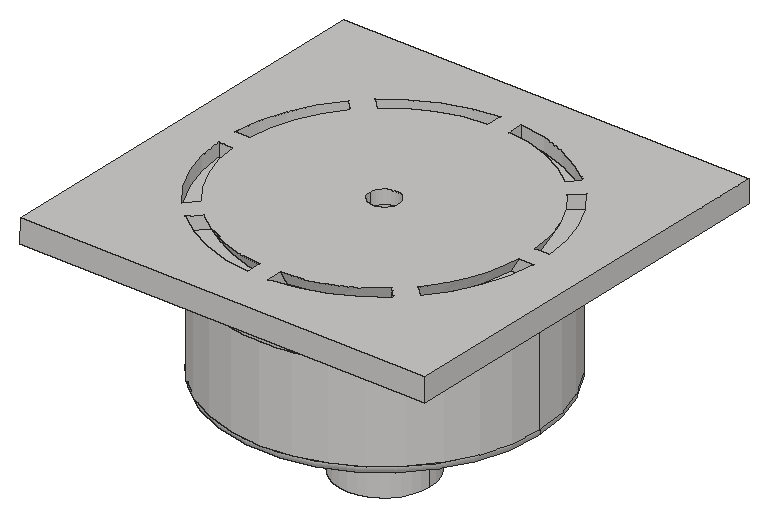
Revit family
Parameters (values of type "9620-SRF-2"")
  Width = 10"
  Waste Connection Radius = 1"
  Waste Connection Diameter = Waste Connection Radius * 2  # 2"
  Waste Connection = yes
  Vent Connection = no
  URL = "www.jrsmith.com"
  Price = "Prices may vary. Please consult Manufacturer Representative for most up-to-date price list."  # constant formula
  Phone Number = "416-250-5656"  # constant formula
  Omniclass Table 23 Title = "Waste Water Drains"  # constant formula
  Omniclass Table 23 Code = "23.70.50.21.24"  # constant formula
  Model = "9620-SRF-2\""
  Material = Metal-Jay R Smith-Stainless Steel
  Masterformat Title = "Sanitary Drains"  # constant formula
  Masterformat Number = "22 13 19.13"  # constant formula
  Manufacturer = "Jay R. Smith"
  Length = Width  # 10"
  Height = 6"
  HW Connection = no
  Description = "10\" Square top special purpose flor drain with heavy duty rim flow grate."
  Default Elevation = 0"
  Creation Date = "27/10/2014"  # constant formula
  Created By = "Allied Technical Services"  # constant formula
  CW Connection = no
  Assembly Code = "D2030300"
  ATS URL = "http://www.atsspec.net"
Types (7): name | Waste Connection Radius | Waste Connection Diameter | Model | Height
  (no name) | 1" | 2" | "9620-SRF-2\"" | 6"
  9620-SRF-2" | 1" | 2" | "9620-SRF-2\"" | 6"
  9620-SRF-3" | 1 1/2" | 3" | "9620-SRF-3\"" | 6"
  9620-SRF-4" | 2" | 4" | "9620-SRF-4\"" | 6"
  9621-SRF-2" | 1" | 2" | "9620-SRF-2\"" | 8"
  9621-SRF-3" | 1 1/2" | 3" | "9620-SRF-3\"" | 8"
  9621-SRF-4" | 2" | 4" | "9620-SRF-4\"" | 8"
Reference planes (in)
  plane 1 "Center (Front/Back)": y = 0
  plane 2: z = 0
  plane 3 "Center (Left/Right)": x = 0
  plane 4: x = -5
  plane 5: x = 5
  plane 6: z = 6
  plane 7: z = 2
  plane 8: x = -1
  plane 9: x = 1
  plane 10: z = 5.4312
Forms (in)
  Revolve 1, solid, material "Metal-Jay R Smith-Stainless Steel" <- "Material"
    sketch origin (0, 0, 0) x (1, 0, 0) y (0, 0, 1)
      loop
        line (-5, 6) -> (-5, 5.64194)
        arc (-5, 5.64194) -> (-4.93828, 5.49293) -> (-4.78926, 5.4312) r 0.21074
        line (-4.78926, 5.4312) -> (-4.26404, 5.4312) -> (-4.26404, 5.07734)
        arc (-4.26404, 5.07734) -> (-4.22877, 4.96877) -> (-4.13643, 4.90164) r 0.18476
        arc (-4.13643, 4.90164) -> (-3.93022, 4.75175) -> (-3.85146, 4.50929) r 0.41258
        line (-3.85146, 4.50929) -> (-3.85146, 2.21875)
        arc (-3.85146, 2.21875) -> (-3.78739, 2.06407) -> (-3.63271, 2) r 0.21875
        line (-3.63271, 2) -> (-1.125, 2) -> (-1.125, 0) -> (-1, 0) -> (-1, 5.66937) -> (-0.3652, 5.66937) -> (-0.3652, 6) -> (-3.5352, 6) -> (-3.34432, 5.66937) -> (-3.9102, 5.66937) -> (-3.9102, 6) -> (-5, 6)
      axis (0, 6) -> (0, 0)
    angle from 0 to 360
  Extrusion 2, solid, material "Metal-Jay R Smith-Stainless Steel" <- "Material"
    sketch origin (-1, 0, 0) x (1, 0, 0) y (0, 1, 0)
      loop
        line (0.75, -3.10047) -> (0.75, -3.9022)
        arc (0.75, -3.9022) -> (1, -3.9102) -> (1.25, -3.9022) r 3.9102
        line (1.25, -3.9022) -> (1.25, -3.10047) -> (0.75, -3.10047)
      loop
        line (0.75, 3.10047) -> (1.25, 3.10047) -> (1.25, 3.9022)
        arc (1.25, 3.9022) -> (1, 3.9102) -> (0.75, 3.9022) r 3.9102
        line (0.75, 3.9022) -> (0.75, 3.10047)
      loop
        line (-1.36914, -2.01559) -> (-1.93605, -2.5825)
        arc (-1.93605, -2.5825) -> (-1.76493, -2.76493) -> (-1.5825, -2.93605) r 3.9102
        line (-1.5825, -2.93605) -> (-1.01559, -2.36914) -> (-1.36914, -2.01559)
      loop
        line (3.01559, 2.36914) -> (3.36914, 2.01559) -> (3.93605, 2.5825)
        arc (3.93605, 2.5825) -> (3.76493, 2.76493) -> (3.5825, 2.93605) r 3.9102
        line (3.5825, 2.93605) -> (3.01559, 2.36914)
      loop
        line (3.36914, -2.01559) -> (3.01559, -2.36914) -> (3.5825, -2.93605)
        arc (3.5825, -2.93605) -> (3.76493, -2.76493) -> (3.93605, -2.5825) r 3.9102
        line (3.93605, -2.5825) -> (3.36914, -2.01559)
      loop
        line (-1.01559, 2.36914) -> (-1.5825, 2.93605)
        arc (-1.5825, 2.93605) -> (-1.76493, 2.76493) -> (-1.93605, 2.5825) r 3.9102
        line (-1.93605, 2.5825) -> (-1.36914, 2.01559) -> (-1.01559, 2.36914)
      loop
        line (-2.10047, 0.25) -> (-2.9022, 0.25)
        arc (-2.9022, 0.25) -> (-2.9102, 0) -> (-2.9022, -0.25) r 3.9102
        line (-2.9022, -0.25) -> (-2.10047, -0.25) -> (-2.10047, 0.25)
      loop
        line (4.10047, 0.25) -> (4.10047, -0.25) -> (4.9022, -0.25)
        arc (4.9022, -0.25) -> (4.9102, 0) -> (4.9022, 0.25) r 3.9102
        line (4.9022, 0.25) -> (4.10047, 0.25)
    from 5.4312 to 6
  Extrusion 3, solid, material "Metal-Jay R Smith-Stainless Steel" <- "Material"
    sketch origin (-43.96222, -54.38665, 0) x (1, 0, 0) y (0, 1, 0)
      loop
        line (38.96222, 59.38665) -> (38.96222, 49.38665) -> (48.96222, 49.38665) -> (48.96222, 59.38665) -> (38.96222, 59.38665)
      loop
        circle (43.96222, 54.38665) r 3.9102
    from 5.4312 to 6
Cuts and joins
  joined: Revolve 1, Extrusion 2, Extrusion 3
Dimensions and locks (in)
  "Height": plane 6 to plane 2
  "Waste Connection Diameter": plane 9 to plane 8
  "Width": plane 5 to plane 4
  plane 7 to level = 2"
  equal spacing: plane 9, plane 3 "Center (Left/Right)", plane 8
  equal spacing: plane 5, plane 3 "Center (Left/Right)", plane 4
  locked: plane 8 to Revolve 1 sketch curve at 0.125
  locked: Revolve 1 sketch curve to plane 4 at 1.0898
  locked: Revolve 1 sketch curve to plane 4 at 1.65568
  plane 6 to plane 7 = 4"
  locked: plane 6 to plane 10 at 0.5688
  locked: Revolve 1 sketch curve to plane 6 (angle 60.00°)
  aligned and locked: plane 8 to Revolve 1 sketch curve
  aligned and locked: Extrusion 3 to Revolve 1
  aligned and locked: plane 6 to Extrusion 3
  aligned and locked: plane 10 to Revolve 1 sketch curve
  aligned and locked: Revolve 1 sketch curve to plane 6  (x2)
  aligned: plane 6 to Extrusion 2
  aligned and locked: cut or joined group of Revolve 1, Extrusion 2, Extrusion 3 to plane 10
  aligned and locked: plane 6 to cut or joined group of Revolve 1, Extrusion 2, Extrusion 3
Automatic sketch dimensions
  Extrusion 2 sketch curve to Extrusion 2 sketch curve = 0"  (x58)
  plane 5 to Extrusion 2 sketch curve = 8.9022"
  Extrusion 2 sketch curve to Extrusion 2 sketch curve = 0.80173"  (x4)
  Extrusion 2 sketch curve to Extrusion 2 sketch curve = 0.16442"  (x2)
  Extrusion 2 sketch curve to Extrusion 2 sketch curve = 0.35355"  (x8)
  Extrusion 2 sketch curve to Extrusion 2 sketch curve = 0.56691"  (x4)
  plane 1 "Center (Front/Back)" to Extrusion 2 sketch curve = 2.36914"
  Extrusion 2 sketch curve to Extrusion 2 sketch curve = 1.76559"  (x8)
  Extrusion 2 sketch curve to Extrusion 2 sketch curve = 1/4"
  Extrusion 2 sketch curve to Extrusion 2 sketch curve = 1/2"  (x2)
  plane 1 "Center (Front/Back)" to Extrusion 2 sketch curve = 2.5825"
  Extrusion 2 sketch curve to Extrusion 2 sketch curve = 0.73133"  (x3)
  Extrusion 2 sketch curve to Extrusion 2 sketch curve = 0.21336"
  Extrusion 3 sketch curve to plane 4 = 0"
  plane 1 "Center (Front/Back)" to Extrusion 3 sketch curve = 0"
  Extrusion 3 sketch curve to plane 3 "Center (Left/Right)" = 0"
  Extrusion 3 sketch curve to plane 5 = 0"
  plane 1 "Center (Front/Back)" to Extrusion 3 sketch curve = 5"
  Extrusion 3 sketch curve to plane 1 "Center (Front/Back)" = 5"
  Revolve 1 sketch curve to plane 4 = 0"
  Revolve 1 sketch curve to plane 7 = 0"
  Revolve 1 sketch curve to plane 3 "Center (Left/Right)" = 0"
  Revolve 1 sketch curve to level = 0"
  plane 4 to Revolve 1 sketch curve = 0.21074"
  Revolve 1 sketch curve to Revolve 1 sketch curve = 0.35384"
  Revolve 1 sketch curve to Revolve 1 sketch curve = 0"  (x2)
  Revolve 1 sketch curve to Revolve 1 sketch curve = 0.12761"
  Revolve 1 sketch curve to Revolve 1 sketch curve = 0.05715"
  plane 7 to Revolve 1 sketch curve = 7/32"
  Revolve 1 sketch curve to Revolve 1 sketch curve = 3/8"
  Revolve 1 sketch curve to plane 3 "Center (Left/Right)" = 0.3652"
  Revolve 1 sketch curve to level = 2 1/2"
  Revolve 1 sketch curve to Revolve 1 sketch curve = 0.64812"
  Revolve 1 sketch curve to plane 10 = 0.92191"
  plane 10 to Revolve 1 sketch curve = 0.23817"
  radius of Extrusion 3 sketch curve = 3.9102"
Connectors (in)
  piping at (0, 0, 0), driven by "Waste Connection Radius"
    settings: on cut or joined group of Revolve 1, Extrusion 2, Extrusion 3, index 1
